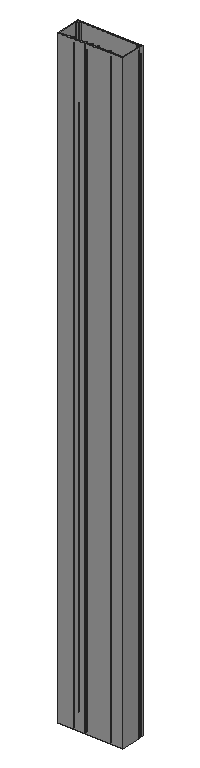
Revit family "Wand und Deckenkanal-WDK80210RW", category Generic Models, Revit 2017
Family settings
  Can host rebar = No
  Round Connector Dimension = Use Diameter
  Part Type = Normal
  Work Plane-Based = No
  Always vertical = Yes
  Cut with Voids When Loaded = No
  Shared = No
  Room Calculation Point = No
Parameters (values of type "WDK80210RW")
  URL = "http://www.obo-bettermann.com"
  Material = Polyvinylchlorid
  Manufacturer Art.No. = "6191312"
  Manufacturer = "OBO BETTERMANN"
  GTIN = "4012195042280"
  Article Type = "WDK80210RW"
Reference planes
  plane 1 "Center (Front/Back)": y = 0
  plane 2: z = 0
  plane 3 "Center (Left/Right)": x = 0
  plane 4: x = 210
  plane 5: y = 79
  plane 6: y = 72
  plane 7: y = 70.5
  plane 8: y = 65.5
  plane 9: x = 5.504
  plane 10: x = 9.204
  plane 11: x = 13.634
  plane 12: y = 71.5
  plane 13: y = 73.5
  plane 14: y = 76.977
  plane 15: x = 11.13
  plane 16: x = 11.13
  plane 17: x = 105
  plane 18: y = 5.2
  plane 19: x = 104.1
  plane 20: x = 105.9
  plane 21: x = 102.25
  plane 22: x = 107.75
  plane 23: y = 8.2
  plane 24: x = 102.25
  plane 25: x = 107.75
  plane 26: x = 85
  plane 27: x = 45
  plane 28: x = 95
  plane 29: x = 65
  plane 30: z = 2000
  plane 31: y = 80
  plane 32: y = 80
  plane 33: y = 65.5
  plane 34: y = 65.5
  plane 35: x = 3.417
  plane 36: y = 71.5
Forms (mm)
  Extrusion 1, solid, material "Polyvinylchlorid" <- "Material"
    sketch origin (0, 0, 0) x (1, 0, 0) y (0, 1, 0)
      loop
        line (0, 0) -> (210, 0) -> (210, 65.5) -> (206.499, 70.5) -> (206.499, 72) -> (208.496, 72) -> (208.496, 73.102) -> (205.868, 78.481)
        arc (205.868, 78.481) -> (205.167, 79.024) -> (204.496, 78.444) r 0.7
        line (204.496, 78.444) -> (204.496, 73.5) -> (199.496, 73.5) -> (200.672, 75.537)
        arc (200.672, 75.537) -> (200.523, 76.524) -> (199.528, 76.598) r 0.8
        line (199.528, 76.598) -> (198.113, 75.793)
        arc (198.113, 75.793) -> (197.535, 75.503) -> (196.996, 75.147) r 5.391
        arc (196.996, 75.147) -> (196.359, 73.769) -> (197.161, 72.479) r 1.6
        line (197.161, 72.479) -> (198.87, 71.5) -> (203.299, 71.5) -> (203.299, 69.491) -> (206.8, 64.491) -> (206.8, 3.2) -> (165.9, 3.2) -> (165.9, 5.2) -> (167.75, 5.2) -> (166.708, 7.209)
        arc (166.708, 7.209) -> (165.068, 8.21) -> (163.342, 7.367) r 2
        line (163.342, 7.367) -> (162.25, 5.2) -> (164.1, 5.2) -> (164.1, 3.2) -> (125.9, 3.2) -> (125.9, 5.2) -> (127.75, 5.2) -> (126.658, 7.367)
        arc (126.658, 7.367) -> (124.932, 8.21) -> (123.292, 7.209) r 2
        line (123.292, 7.209) -> (122.25, 5.2) -> (124.1, 5.2) -> (124.1, 3.2) -> (109.662, 3.2) -> (105.9, 3.2) -> (105.9, 5.2) -> (107.75, 5.2) -> (106.658, 7.367)
        arc (106.658, 7.367) -> (104.932, 8.21) -> (103.292, 7.209) r 2
        line (103.292, 7.209) -> (102.25, 5.2) -> (104.1, 5.2) -> (104.1, 3.2) -> (101.151, 3.2) -> (85.9, 3.2) -> (85.9, 5.2) -> (87.75, 5.2) -> (86.708, 7.209)
        arc (86.708, 7.209) -> (85.068, 8.21) -> (83.342, 7.367) r 2
        line (83.342, 7.367) -> (82.25, 5.2) -> (84.1, 5.2) -> (84.1, 3.2) -> (45.9, 3.2) -> (45.9, 5.2) -> (47.75, 5.2) -> (46.658, 7.367)
        arc (46.658, 7.367) -> (44.932, 8.21) -> (43.292, 7.209) r 2
        line (43.292, 7.209) -> (42.25, 5.2) -> (44.1, 5.2) -> (44.1, 3.2) -> (3.2, 3.2) -> (3.2, 64.491) -> (6.701, 69.491) -> (6.701, 71.5) -> (11.13, 71.5) -> (12.839, 72.479)
        arc (12.839, 72.479) -> (13.641, 73.769) -> (13.004, 75.147) r 1.6
        arc (13.004, 75.147) -> (12.465, 75.503) -> (11.887, 75.793) r 5.391
        line (11.887, 75.793) -> (10.472, 76.598)
        arc (10.472, 76.598) -> (9.477, 76.524) -> (9.328, 75.537) r 0.8
        line (9.328, 75.537) -> (10.504, 73.5) -> (5.504, 73.5) -> (5.504, 78.444)
        arc (5.504, 78.444) -> (4.833, 79.024) -> (4.132, 78.481) r 0.7
        line (4.132, 78.481) -> (1.504, 73.102) -> (1.504, 72) -> (3.501, 72) -> (3.501, 70.5) -> (0, 65.5) -> (0, 0)
    from 0 to 2000
  Extrusion 2, solid, material "Polyvinylchlorid" <- "Material"
    sketch origin (0, 0, 0) x (1, 0, 0) y (0, 1, 0)
      loop
        line (0, 80) -> (0, 66.142) -> (3.417, 71.022) -> (3.417, 71.837) -> (1.407, 71.837) -> (1.407, 73.129) -> (1.407, 79.093) -> (205.86, 79.093) -> (208.584, 73.252) -> (208.584, 71.443) -> (207.132, 71.443) -> (207.132, 70.474) -> (210, 66.378) -> (210, 80) -> (0, 80)
    from 0 to 2000
Dimensions and locks
  locked: plane 6 to plane 8 at 6.5
  locked: plane 5 to plane 12 at 7.5
  locked: Extrusion 1 sketch curve to plane 9 at 4
  locked: plane 9 to plane 10 at 3.7
  locked: plane 9 to plane 11 at 8.13
  locked: plane 13 to plane 12 at 2
  plane 14 to plane 12 = 5.477 mm
  locked: plane 3 "Center (Left/Right)" to plane 15 at 11.13
  Extrusion 1 sketch curve to plane 4 = 210 mm
  locked: plane 17 to plane 4 at 105
  locked: plane 21 to plane 17 at 2.75
  locked: plane 17 to plane 22 at 2.75
  locked: plane 26 to plane 17 at 20
  locked: plane 27 to plane 26 at 40
  locked: Extrusion 1 sketch curve to Extrusion 1 sketch curve at 210
  locked: Extrusion 1 sketch curve to Extrusion 1 sketch curve at 79.025  (x2)
  locked: Extrusion 1 sketch curve to Extrusion 1 sketch curve at 203.6
  locked: Extrusion 1 sketch curve to Extrusion 1 sketch curve at 3.2  (x5)
  locked: Extrusion 1 sketch curve to plane 17 at 91.356
  locked: plane 17 to Extrusion 1 sketch curve at 91.356
  Extrusion 1 sketch curve to Extrusion 1 sketch curve = 12.14 mm
  locked: Extrusion 1 sketch curve to Extrusion 1 sketch curve at 7.025  (x2)
  plane 30 to level = 2000 mm
  locked: plane 1 "Center (Front/Back)" to plane 31 at 80
  plane 36 to plane 33 = 6 mm
  Extrusion 2 to Extrusion 2 = 210 mm
  locked: Extrusion 2 sketch curve to Extrusion 2 sketch curve at 203.715
  aligned and locked: level to plane 2
  aligned and locked: plane 30 to Extrusion 1
  aligned and locked: Extrusion 1 to level
  aligned and locked: Extrusion 2 to Extrusion 1
  aligned and locked: Extrusion 2 to level
Automatic sketch dimensions
  Extrusion 1 sketch curve to plane 7 = 0 mm
  Extrusion 1 sketch curve to plane 9 = 0 mm
  Extrusion 1 sketch curve to plane 12 = 0 mm
  Extrusion 1 sketch curve to plane 13 = 0 mm
  Extrusion 1 sketch curve to plane 15 = 0 mm
  Extrusion 1 sketch curve to plane 18 = 0 mm  (x6)
  Extrusion 1 sketch curve to plane 21 = 0 mm
  Extrusion 1 sketch curve to plane 19 = 0 mm
  Extrusion 1 sketch curve to plane 20 = 0 mm
  Extrusion 1 sketch curve to plane 22 = 0 mm
  plane 18 to Extrusion 1 sketch curve = 0 mm  (x4)
  plane 12 to Extrusion 1 sketch curve = 0 mm
  plane 13 to Extrusion 1 sketch curve = 0 mm
  plane 7 to Extrusion 1 sketch curve = 0 mm
  plane 1 "Center (Front/Back)" to Extrusion 1 sketch curve = 0 mm
  Extrusion 1 sketch curve to plane 8 = 0 mm
  plane 8 to Extrusion 1 sketch curve = 0 mm
  Extrusion 1 sketch curve to plane 9 = 2.304 mm
  Extrusion 1 sketch curve to Extrusion 1 sketch curve = 1.997 mm
  Extrusion 1 sketch curve to plane 9 = 1.372 mm
  Extrusion 1 sketch curve to plane 5 = 0.675 mm  (x2)
  plane 9 to Extrusion 1 sketch curve = 1.197 mm
  plane 10 to Extrusion 1 sketch curve = 0.124 mm
  plane 10 to Extrusion 1 sketch curve = 0.563 mm
  Extrusion 1 sketch curve to Extrusion 1 sketch curve = 0.693 mm  (x2)
  Extrusion 1 sketch curve to plane 15 = 0.658 mm
  Extrusion 1 sketch curve to plane 15 = 0.626 mm
  plane 15 to Extrusion 1 sketch curve = 0.757 mm
  plane 13 to Extrusion 1 sketch curve = 0.368 mm  (x2)
  plane 6 to Extrusion 1 sketch curve = 0.479 mm  (x2)
  Extrusion 1 sketch curve to plane 27 = 2.75 mm
  Extrusion 1 sketch curve to plane 23 = 0.991 mm  (x5)
  Extrusion 1 sketch curve to plane 27 = 1.708 mm
  Extrusion 1 sketch curve to plane 27 = 0.9 mm
  plane 27 to Extrusion 1 sketch curve = 0.026 mm
  plane 27 to Extrusion 1 sketch curve = 0.9 mm
  Extrusion 1 sketch curve to plane 23 = 0.833 mm  (x3)
  Extrusion 1 sketch curve to Extrusion 1 sketch curve = 1.633 mm  (x2)
  Extrusion 1 sketch curve to Extrusion 1 sketch curve = 1.85 mm  (x6)
  Extrusion 1 sketch curve to plane 26 = 2.75 mm
  Extrusion 1 sketch curve to plane 26 = 1.658 mm
  Extrusion 1 sketch curve to plane 26 = 0.9 mm
  Extrusion 1 sketch curve to plane 26 = 0.026 mm
  plane 26 to Extrusion 1 sketch curve = 0.9 mm
  plane 26 to Extrusion 1 sketch curve = 1.708 mm
  Extrusion 1 sketch curve to plane 21 = 1.099 mm
  Extrusion 1 sketch curve to plane 19 = 0.808 mm
  plane 17 to Extrusion 1 sketch curve = 0.026 mm
  plane 20 to Extrusion 1 sketch curve = 0.758 mm
  plane 22 to Extrusion 1 sketch curve = 1.912 mm
  Extrusion 1 sketch curve to Extrusion 1 sketch curve = 12.588 mm
  Extrusion 1 sketch curve to Extrusion 1 sketch curve = 1.042 mm
  Extrusion 1 sketch curve to Extrusion 1 sketch curve = 0.926 mm  (x2)
  Extrusion 1 sketch curve to Extrusion 1 sketch curve = 1.8 mm
  Extrusion 1 sketch curve to Extrusion 1 sketch curve = 34.5 mm
  Extrusion 1 sketch curve to Extrusion 1 sketch curve = 1.092 mm
  plane 18 to Extrusion 1 sketch curve = 1.012 mm  (x3)
  Extrusion 1 sketch curve to Extrusion 1 sketch curve = 0.874 mm
  Extrusion 1 sketch curve to Extrusion 1 sketch curve = 0.795 mm
  Extrusion 1 sketch curve to plane 14 = 1.184 mm  (x2)
  Extrusion 1 sketch curve to Extrusion 1 sketch curve = 0.156 mm
  Extrusion 1 sketch curve to Extrusion 1 sketch curve = 1.54 mm
  Extrusion 1 sketch curve to plane 14 = 0.379 mm
  Extrusion 1 sketch curve to Extrusion 1 sketch curve = 1.416 mm
  Extrusion 1 sketch curve to Extrusion 1 sketch curve = 0.451 mm
  plane 7 to Extrusion 1 sketch curve = 0.336 mm  (x2)
  Extrusion 1 sketch curve to Extrusion 1 sketch curve = 1.363 mm
  Extrusion 1 sketch curve to plane 14 = 1.439 mm  (x2)
  Extrusion 1 sketch curve to plane 7 = 1.009 mm  (x2)
  Extrusion 1 sketch curve to Extrusion 1 sketch curve = 3.066 mm
  Extrusion 1 sketch curve to Extrusion 1 sketch curve = 1.197 mm
  Extrusion 1 sketch curve to Extrusion 1 sketch curve = 0.69 mm
  Extrusion 1 sketch curve to plane 5 = 0.519 mm
  Extrusion 1 sketch curve to Extrusion 1 sketch curve = 2.003 mm
  Extrusion 1 sketch curve to plane 8 = 1.009 mm  (x2)
  Extrusion 1 sketch curve to plane 13 = 0.398 mm  (x2)
  Extrusion 1 sketch curve to plane 4 = 1.504 mm
  Extrusion 1 sketch curve to Extrusion 1 sketch curve = 0 mm
  Extrusion 1 sketch curve to Extrusion 1 sketch curve = 0.4 mm
  Extrusion 1 sketch curve to plane 5 = 0.556 mm
  Extrusion 2 sketch curve to plane 3 "Center (Left/Right)" = 0 mm
  Extrusion 2 sketch curve to plane 35 = 0 mm
  Extrusion 2 sketch curve to plane 31 = 0 mm
  plane 3 "Center (Left/Right)" to Extrusion 2 sketch curve = 1.407 mm
  Extrusion 2 sketch curve to plane 36 = 0.057 mm
  Extrusion 2 sketch curve to Extrusion 2 sketch curve = 1.452 mm
  plane 33 to Extrusion 2 sketch curve = 0.878 mm
  Extrusion 2 sketch curve to Extrusion 2 sketch curve = 2.868 mm
  plane 33 to Extrusion 2 sketch curve = 0.642 mm
  Extrusion 2 sketch curve to Extrusion 2 sketch curve = 0.969 mm
  Extrusion 2 sketch curve to plane 36 = 0.478 mm
  plane 36 to Extrusion 2 sketch curve = 0.337 mm
  Extrusion 2 sketch curve to Extrusion 2 sketch curve = 1.292 mm
  plane 36 to Extrusion 2 sketch curve = 1.752 mm
  Extrusion 2 sketch curve to plane 31 = 0.907 mm
  Extrusion 2 sketch curve to Extrusion 2 sketch curve = 4.14 mm
